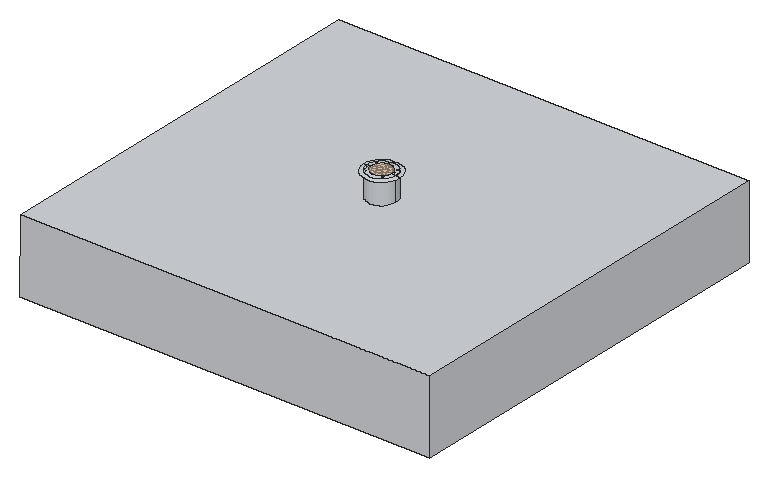
Revit family "Alcon-9034-9-Revit-Family", category Luminarias, Revit 2025
Family settings
  Anfitrión = Cara
  Cota de conector redondo = Usar diámetro
  Tipo de pieza = Normal
  Corte con vacíos al cargar = No
  Origen de luz = Sí
  Mantener orientación de anotación = No
  Compartido = No
  Punto de cálculo de habitación = No
Parameters
  Tilt Angle = 60.00°
  built-in parameter 1010506 = 0.5236 (stored number, unit not read)
  built-in parameter 1010507 = 1.5708 (stored number, unit not read)
  Wattage = 9.2903 W
  URL = "https://www.alconlighting.com/9034-9.html"
  built-in parameter 1150107 = 3200 (stored number, unit not read)
  TOP FINISH = none
  TAP LENS = none
  built-in parameter 1150110 = 1 (stored number, unit not read)
  built-in parameter 1150109 = 1 (stored number, unit not read)
  built-in parameter 1150112 = 1 (stored number, unit not read)
  built-in parameter 1150113 = 1 (stored number, unit not read)
  built-in parameter 1114218 = 1 (stored number, unit not read)
  Product Page = "https://www.alconlighting.com/9034-9.html"
  Product Data URL = "https://www.alconlighting.com/9034-9.html"
  built-in parameter 1150137 = (empty or 0)
  built-in parameter 1150132 = (empty or 0)
  Modelo = "Alcon Lighting 9034-9"
  Longitud de símbolo de origen de luz = 10' - 0"
  Link to IES File = "https://www.alconlighting.com/9034-9.html"
  LENS GLASS = Glass
  built-in parameter 1150105 = 4614.1 (stored number, unit not read)
  built-in parameter 1150102 = (empty or 0)
  built-in parameter 1150106 = 46.141 (stored number, unit not read)
  HOUSING = none
  GLASS LENS = Analytical Panels
  Lumens = 1380 lm
  Color Filter = 16777215
  built-in parameter 1114217 = 1 (stored number, unit not read)
  built-in parameter 1150139 = (empty or 0)
  Fabricante = "Alcon Lighting"
  Default Elevation = 4' - 0"
  built-in parameter 1150104 = 13.8 (stored number, unit not read)
  built-in parameter 1150115 = 1 (stored number, unit not read)
  built-in parameter 1150114 = 1 (stored number, unit not read)
  built-in parameter 1150138 = (empty or 0)
  built-in parameter 1150134 = 3
  Dimming Lamp Color Temperature Shift = (empty or 0)
  built-in parameter 1150133 = 10 (stored number, unit not read)
Reference planes (in)
  plane 1 "Center (Front/Back)": y = 0
  plane 2: z = 0
  plane 3 "Center (Left/Right)": x = 0
Forms (in)
  Extrusion 1, solid
    sketch origin (0, 0, 0) x (1, 0, 0) y (0, 1, 0)
      loop
        line (-33, 32.41633) -> (-33, -32.59453) -> (33.96505, -32.59453) -> (33.96505, 32.41633) -> (-33, 32.41633)
    from 0 to -12
  Revolve 2, solid, material <- "HOUSING"
    sketch origin (0, 0, 0) x (1, 0, 0) y (0, 0, 1)
      loop
        line (0, 0) -> (2.35, 0) -> (2.35, 3.73416) -> (2.20156, 3.73416) -> (2.20156, 0.14844) -> (0, 0.14844) -> (0, 0)
      axis (0, 3.73416) -> (0, 0)
    angle from 0 to 360
  Revolve 3, solid, material <- "TAP LENS"
    sketch origin (0, 0, 0) x (1, 0, 0) y (0, 0, 1)
      loop
        line (1.6999, 3.73416) -> (2.95, 3.73416) -> (2.35, 3.83995)
        arc (2.35, 3.83995) -> (2.02633, 3.88496) -> (1.6999, 3.9) r 3.54919
        line (1.6999, 3.9) -> (1.6999, 3.73416)
      axis (0, 3.9) -> (0, 3.73416)
    angle from 0 to 360
  Extrusion 4, solid
    sketch origin (0, 0, 0) x (1, 0, 0) y (0, 1, 0)
      loop
        circle (-0.4605, 0.20567) r 0.33691
      loop
        circle (-0.62677, 1.06106) r 0.33691
      loop
        circle (0.57531, 0.99806) r 0.33691
      loop
        circle (0.33789, 0.17008) r 0.33691
      loop
        circle (-0.09674, -0.49919) r 0.33691
      loop
        circle (0.5639, -1.07348) r 0.33691
      loop
        circle (1.12472, -0.06175) r 0.33691
      loop
        circle (-1.29007, 0.02258) r 0.33691
      loop
        circle (-0.68406, -1.0707) r 0.33691
    from 3.36238 to 3.73416
  Extrusion 5, solid, material "Analytical Panels" <- "GLASS LENS"
    sketch origin (0, 0, 0) x (1, 0, 0) y (0, 1, 0)
      loop
        circle (0, 0) r 1.6999
    from 3.83995 to 3.9
  Revolve 6, solid
    sketch origin (0, 0, 0) x (1, 0, 0) y (0, 0, 1)
      loop
        line (0, 3.36238) -> (0, 3.29896) -> (1.73619, 3.29896) -> (1.73619, 3.73416) -> (1.6999, 3.73416) -> (1.6999, 3.36238) -> (0, 3.36238)
      axis (0, 3.73416) -> (0, 3.29896)
    angle from 0 to 360
  Extrusion 7, void
    sketch origin (15.25, 0, 0) x (1, 0, 0) y (0, 1, 0)
      loop
        circle (-15.25, 2.02495) r 0.125
      loop
        circle (-16.93368, 1.125) r 0.125
      loop
        circle (-16.60096, -1.50842) r 0.125
      loop
        circle (-13.56632, 1.125) r 0.125
      loop
        circle (-13.89904, -1.50842) r 0.125
    from 3.73416 to 3.9
Cuts and joins
  Extrusion 7 cuts Revolve 3
Dimensions and locks (in)
  aligned and locked: plane 2 to Extrusion 1
  aligned and locked: level to Extrusion 1
